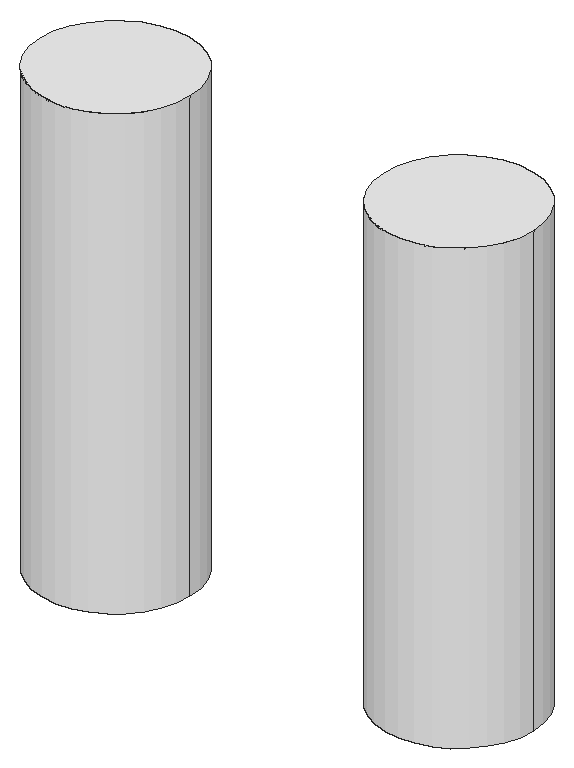
Revit family "5142229300056(2022)", category Plumbing Fixtures, Revit 2018
Family settings
  Round Connector Dimension = Use Diameter
  Part Type = Normal
  OmniClass Number = 23.45.55.00
  OmniClass Title = Sanitary Faucets, Wastes
  Work Plane-Based = No
  Always vertical = Yes
  Cut with Voids When Loaded = No
  Shared = No
  Room Calculation Point = No
Parameters (values of type "5142229300056 Washbasin faucet ")
  WorkingPressure = "50 - 1000 kPa "
  Working Pressure = "50 - 1000 kPa "
  WarrantyStartDate [instance] = "n/a"
  WarrantyGuarantorParts = "n/a"
  WarrantyGuarantorLabor = "n/a"
  WarrantyDurationUnit = "Year"
  WarrantyDurationParts = "n/a"
  WarrantyDurationLabor = "n/a"
  WarrantyDescription = "http://warranty.hansa.com"
  Warranty Information URL = "http://warranty.hansa.com"
  VersionDate = "01/07/2022"
  Version = "2"  # constant formula
  ValvePattern = "n/a"
  ValveOperation = "n/a"
  ValveMechanism = "n/a"
  Uniclass2015Reference = "Pr_40_20_87_96"
  Uniclass2015Description = "Washbasin manual water supply sets"
  Uniclass2 = "Pr_40_30_96_96"
  URL REACH = "http://static.hansa.com/doc/reach"
  URL KIWA SE Type Approval = "http://static.hansa.com/KIWASETypeApproval/5142229300056"
  URL Declaration of Conformity = "http://static.hansa.com/DoC/5142229300056"
  URL = ""
  UNSPSC Class Number = "30181700 Faucets or taps"
  TestPressure = "n/a"
  Temperature Adjustments = "Limitation option for maximum temperature and flow-rate "
  Technical DataSheet URL = "http://www.hansa.com/datasheet/5142229300056/en"
  TagNumber [instance] = "n/a"
  SustainabilityPerformance = "n/a"
  Surface treatment = "Chrome"
  Spout Type = "Fixed spout"
  Spout Projection = "103 mm"
  Size = "137x48,5x137 mm"
  Shape = "Sculptured"
  SerialNumber [instance] = "n/a"
  Sales Package dimensions (LxWxH) = "540 x 146 x 59"
  Revision = "2"  # constant formula
  ReplacementCost = "n/a"
  ProductInformation = "n/a"
  Product URL = "http://static.hansa.com/5142229300056"
  Product Image URL = "http://static.hansa.com/image/5142229300056"
  Product Family = "HANSAPOLO Eco"
  Product Code = "5142229300056"
  Pressure Loss With Flow 01ls = 200000.0 Pa
  OperatingMechanismMaterial = "n/a"
  NominalWidth = 48.5 mm
  NominalHeight = 137 mm
  NominalDepth = 137 mm
  Noise Class = "I (ISO 3822)"
  Name_en = "5142229300056 Washbasin faucet"
  Name = "5142229300056 Washbasin faucet"
  NBSReference = "45-35-70/371"
  NBSDescription = "Water supply fittings for wash basins and troughs"
  Mounting Holes = "1 hole"
  ModelReference = "5142229300056"
  ModelNumber = "n/a"
  Model = "5142229300056 Washbasin faucet"
  Mobile Product Information URL = "http://mpi.hansa.com/5142229300056"
  Mechanical Parts = "ø 35 mm ceramic eco cartridge for flow and temperature control"
  Max. Hot Water Supply = 70 °C
  Material = "Brass"
  Market = "International;Germany;Austria;Belgium;Netherlands;Czech Republic;Slovakia;Italy"
  ManufacturerURL = "http://www.hansa.com"
  ManufacturerName = "HANSA"
  Manufacturer = "HANSA"
  Lever Handle = "Single operating lever/handle;Hot/Cold symbols"
  Interactive AR View URL = "https://static.hansa.com/AR/5142229300056"
  InstallationDate [instance] = "n/a"
  Installation and Maintenance Guide URL = "http://static.hansa.com/manual/5142229300056"
  Installation Type = "Deck mounted"
  InletConnectionSize = 10 mm
  IfcExportType = "FAUCET"  # constant formula
  IfcExportAs = "IfcValveType"  # constant formula
  Group = "Washbasin faucet"
  Grade = "n/a"
  FlowCoefficient = 0
  Flow Rate At 300kPa With Flow Controller = 0.07 L/s
  Flow Drawing URL = "http://static.hansa.com/flowchart/5142229300056"
  Finish = "Polished"
  Features = "Single-lever"
  FaucetMainMaterial = Brass
  FDV Document URL = "http://www.hansa.com/datasheet/5142229300056/en/fdv"
  ExpectedLife = "n/a"
  Excluded Items = "Without pop-up waste;Without draw-rod opening"
  Eco Flow At 300kPa = 0.05 L/s
  ETIM Class Number = "EC011328 Washbasin mixing tap"
  EN Standard = "EN 817"
  EAN Number = "4057304018381"
  DurationUnit = "Year"
  Dimension Drawing URL = "http://static.hansa.com/dimdrw/5142229300056"
  Description = ""
  DefaultElevation [instance] = 900 mm
  Constituents = "Single lever"
  Connection Size = "G3/8"
  Connection = "Flexible inlet pipes"
  Color = "Chrome"
  CodePerformance = "n/a"
  CloseOffRating = 0
  Catalog Drawing URL = "http://static.hansa.com/catdrw/5142229300056"
  Brand = "HANSA"
  BodyMaterial = "Brass"
  Barcode [instance] = "n/a"
  Backflow Prevention EN1717 = "AA"
  BIMObjectName = "5142229300056(2022)"
  Author = "BIMStone"
  AssetType = "Fixed"
  AssetIdentifier [instance] = "n/a"
  Approval KIWA SE Type Approval = "1441"
  Aerator = "PCA® - constant flow rate regardless of pressure variations"
  Advanced Features = "Inner body made of DZR brass"
  AccessibilityPerformance = "n/a"
  3D View = "https://static.hansa.com/3D/5142229300056"
  2D/3D/BIM Files URL = "http://static.hansa.com/bim/5142229300056"
Reference planes
  plane 1 "Center (Front/Back)": y = 0
  plane 2: z = 0
  plane 3 "Center (Left/Right)": x = 0
  plane 4: x = -24.25
  plane 5: z = 1037
  plane 6: z = 900
  plane 7: z = 870
  plane 8: y = -137
  plane 9: x = 24.25
Forms (mm)
  Extrusion 1, solid, material "Brass" <- "FaucetMainMaterial"
    sketch origin (0, 0, 0) x (1, 0, 0) y (0, 1, 0)
      loop
        circle (-11.5, -22.5) r 5
      loop
        circle (11.5, -22.5) r 5
    from 870 to 900
Dimensions and locks
  "NominalHeight": plane 5 to plane 6
  "DefaultElevation": plane 6 to level
  locked: plane 6 to plane 7 at 30
  "NominalDepth": plane 8 to plane 1 "Center (Front/Back)"
  equal spacing: plane 4, plane 3 "Center (Left/Right)", plane 9
  "NominalWidth": plane 4 to plane 9
  "InletConnectionSize": diameter of Extrusion 1 sketch curve  (x2)
  aligned and locked: level to plane 2
  aligned and locked: plane 6 to Extrusion 1
  aligned and locked: Extrusion 1 to plane 7
  aligned and locked: plane 1 "Center (Front/Back)" to nested 2
  aligned and locked: plane 3 "Center (Left/Right)" to nested 2
  aligned and locked: plane 6 to nested 2
Automatic sketch dimensions
  Extrusion 1 sketch curve to plane 3 "Center (Left/Right)" = 11.5 mm
  plane 3 "Center (Left/Right)" to Extrusion 1 sketch curve = 11.5 mm
  plane 1 "Center (Front/Back)" to Extrusion 1 sketch curve = 22.5 mm  (x2)
Nested families
  nested 1: "Symbol" at (0, 0, 0), type "Symbol", detail levels coarse
  nested 2: "5142229300056(2022)_p" at (0, 0, 900), type "5142229300056(2022)_p"
Connectors
  piping at (-11.5, -22.5, 870), diameter 10, driven by "InletConnectionSize"
    settings: on Extrusion 1, index 1, connector inside diameter 609.6 mm, connector length 0 mm, flow factor 0, pipe flow 0.07 L/s, pressure drop 0.0 Pa, fitting loss kfactor 0, connector angle 0.00°, fixture units 0, engagement length 0 mm, angle of deflection 0.00°, flow configuration 1, flow direction 1, fitting loss method 0, system type 19, joint type 0, gender type 0, connector reference index -1, connector utility 0, adjustable connector no, is connector primary yes, connector description ""
  piping at (11.5, -22.5, 870), diameter 10, driven by "InletConnectionSize"
    settings: on Extrusion 1, index 2, connector inside diameter 609.6 mm, connector length 0 mm, flow factor 0, pipe flow 0.07 L/s, pressure drop 0.0 Pa, fitting loss kfactor 0, connector angle 0.00°, fixture units 0, engagement length 0 mm, angle of deflection 0.00°, flow configuration 1, flow direction 1, fitting loss method 0, system type 20, joint type 0, gender type 0, connector reference index -1, connector utility 0, adjustable connector no, is connector primary no, connector description ""
Definition of nested family "Symbol"
  Reference planes
    plane 1: y = 0
    plane 2: x = 0
  Lines and regions (mm)
    detail lines
      curve 1: line (0, 0, 0) -> (0, -1.8, 0)
      curve 2: line (-0.4, -1.1, 0) -> (0.4, -1.1, 0)
      curve 3: line (-0.4, -1.4, 0) -> (0.4, -1.4, 0)
      curve 4: line (0.863, 0, 0) -> (-0.863, 0, 0)
      curve 5: circle (-1.163, 0, 0) r 0.3 normal (0, 0, -1)
      curve 6: circle (1.163, 0, 0) r 0.3 normal (0, 0, 1)
Definition of nested family "5142229300056(2022)_p"
  Parameters (values of type "5142229300056(2022)_p")
    NominalWidth = 48.5 mm
    NominalHeight = 137 mm
    NominalDepth = 137 mm
    InletConnectionSize = 10 mm
    FaucetMainMaterial = none
  Reference planes
    plane 1 "Center (Front/Back)": y = 0
    plane 2: z = 0
    plane 3 "Center (Left/Right)": x = 0
    plane 4: x = -24.25
    plane 5: z = 137
    plane 6: z = 0
    plane 7: y = -137
    plane 8: x = 24.25
  Forms (mm)
    Extrusion 1, solid, material <- "FaucetMainMaterial", detail levels medium
      sketch origin (0, 0, -900) x (0, 1, 0) y (0, 0, 1)
        loop
          line (-11.837, 1037) -> (-124.122, 1037) -> (-122.074, 1028.126) -> (-62.2, 1027.177)
          arc (-62.2, 1027.177) -> (-58.651, 1025.78) -> (-57.131, 1022.282) r 4.983
          line (-57.131, 1022.282) -> (-56.683, 996.618) -> (-137, 989.601) -> (-137, 987.69) -> (-131.699, 983.242) -> (-135.856, 977.305) -> (-116.182, 963.529) -> (-114.062, 966.556) -> (-77.551, 967.193)
          arc (-77.551, 967.193) -> (-59.309, 959.809) -> (-50.685, 942.118) r 27.474
          line (-50.685, 942.118) -> (-47, 900) -> (0, 900) -> (-11.837, 1037)
      from -24.25 to 24.25
    Extrusion 2, solid, material <- "FaucetMainMaterial", detail levels coarse
      sketch origin (0, 0, -900) x (1, 0, 0) y (0, 1, 0)
        loop
          line (-24.25, 0) -> (-24.25, -137) -> (24.25, -137) -> (24.25, 0) -> (-24.25, 0)
      from 900 to 1037
  Lines and regions (mm)
    symbolic lines, detail levels medium+fine
      curve 1: line (0, 0, 0) -> (-23.5, 0, 0)
      curve 2: line (-23.5, 0, 0) -> (-23.5, 0, 98.12)
      curve 3: spline (-24.25, 0, 102.285) -> (-24.238, 0, 102.205) -> (-24.201, 0, 102.125) -> (-24.14, 0, 102.045) -> (-24.055, 0, 101.966) -> (-23.945, 0, 101.886) -> (-23.812, 0, 101.808) -> (-23.654, 0, 101.729) -> (-23.472, 0, 101.651) -> (-23.267, 0, 101.574) -> (-23.039, 0, 101.498) -> (-22.787, 0, 101.422) -> (-22.512, 0, 101.347)
      curve 4: arc (-24.25, 0, 102.285) -> (-23.247, 0, 117.942) -> (-21.807, 0, 133.565) r 561.53
      curve 5: line (-20.482, 0, 135.174) -> (-14.32, 0, 136.261)
      curve 6: arc (-14.32, 0, 136.261) -> (-9.879, 0, 136.835) -> (-5.404, 0, 137) r 48.793
      curve 7: line (-5.404, 0, 137) -> (0, 0, 137)
      curve 9: line (0, 0, 0) -> (23.5, 0, 0)
      curve 10: line (23.5, 0, 0) -> (23.5, 0, 98.12)
      curve 11: spline (24.25, 0, 102.285) -> (24.238, 0, 102.205) -> (24.201, 0, 102.125) -> (24.14, 0, 102.045) -> (24.055, 0, 101.966) -> (23.945, 0, 101.886) -> (23.812, 0, 101.808) -> (23.654, 0, 101.729) -> (23.472, 0, 101.651) -> (23.267, 0, 101.574) -> (23.039, 0, 101.498) -> (22.787, 0, 101.422) -> (22.512, 0, 101.347)
      curve 12: arc (24.249, 0, 102.311) -> (23.246, 0, 117.955) -> (21.807, 0, 133.565) r 561.53
      curve 13: line (20.482, 0, 135.174) -> (14.32, 0, 136.261)
      curve 14: arc (14.32, 0, 136.261) -> (9.879, 0, 136.835) -> (5.404, 0, 137) r 48.793
      curve 15: line (5.404, 0, 137) -> (0, 0, 137)
      curve 16: line (-22.633, 0, 98.988) -> (-22.512, 0, 101.347)
      curve 17: line (22.633, 0, 98.988) -> (22.512, 0, 101.347)
      curve 18: arc (-22.633, 0, 98.988) -> (-23.246, 0, 98.734) -> (-23.5, 0, 98.12) r 0.867
      curve 19: arc (22.633, 0, 98.988) -> (23.246, 0, 98.734) -> (23.5, 0, 98.12) r 0.867
      curve 20: arc (-20.482, 0, 135.174) -> (-21.441, 0, 134.614) -> (-21.807, 0, 133.565) r 1.605
      curve 21: arc (20.482, 0, 135.174) -> (21.441, 0, 134.614) -> (21.807, 0, 133.565) r 1.605
      curve 59: line (0, 0, 0) -> (0, -47, 0)
      curve 60: line (0, -47, 0) -> (0, -50.685, 42.118)
      curve 61: arc (0, -50.685, 42.118) -> (0, -59.309, 59.809) -> (0, -77.551, 67.193) r 27.474
      curve 62: line (0, -77.551, 67.193) -> (0, -109.985, 66.627)
      curve 63: arc (0, -109.985, 66.627) -> (0, -111.706, 66.9) -> (0, -113.23, 67.744) r 5.017
      curve 65: line (0, -136.087, 89.68) -> (0, -56.683, 96.618)
      curve 66: line (0, -56.683, 96.618) -> (0, -57.131, 122.282)
      curve 67: arc (0, -57.131, 122.282) -> (0, -58.651, 125.78) -> (0, -62.2, 127.177) r 4.983
      curve 68: line (0, -62.2, 127.177) -> (0, -118.76, 128.074)
      curve 69: arc (0, -118.76, 128.074) -> (0, -121.312, 128.98) -> (0, -122.794, 131.248) r 4.237
      curve 70: line (0, -122.794, 131.248) -> (0, -123.357, 133.686)
      curve 71: arc (0, -123.357, 133.686) -> (0, -123.101, 134.795) -> (0, -122.07, 135.277) r 1.299
      curve 72: line (0, -122.07, 135.277) -> (0, -83.546, 136.623)
      curve 73: arc (0, -83.546, 136.623) -> (0, -75.229, 136.862) -> (0, -66.91, 137) r 680.589
      curve 74: arc (0, -66.91, 137) -> (0, -40.52, 136.693) -> (0, -14.169, 135.22) r 597.328
      curve 75: arc (0, -14.169, 135.22) -> (0, -13.191, 134.767) -> (0, -12.746, 133.786) r 1.547
      curve 76: line (0, -12.746, 133.786) -> (0, -9.744, 114.834)
      curve 77: line (0, -9.744, 114.834) -> (0, -15.314, 111.619)
      curve 78: arc (0, -15.314, 111.619) -> (0, -12.568, 106.368) -> (0, -11.235, 100.594) r 23.302
      curve 79: arc (0, -137, 88.684) -> (0, -136.737, 89.36) -> (0, -136.087, 89.68) r 1
      curve 80: arc (0, -137, 88.156) -> (0, -136.906, 87.733) -> (0, -136.643, 87.39) r 1
      curve 81: line (0, -137, 88.684) -> (0, -137, 88.156)
      curve 82: line (0, -116.182, 63.529) -> (0, -135.856, 77.305)
      curve 83: line (0, -131.699, 83.242) -> (0, -135.856, 77.305)
      curve 84: line (0, -113.23, 67.744) -> (0, -116.182, 63.529)
      curve 85: line (0, -131.699, 83.242) -> (0, -136.643, 87.39)
      curve 89: line (0, -11.235, 100.594) -> (0, -8.819, 100.805)
      curve 91: line (0, -137, 0) -> (-6.831, -137, 0)
      curve 92: arc (-6.831, -137, 0) -> (-9.954, -136.71, 0) -> (-12.97, -135.849, 0) r 16.95
      curve 93: arc (-12.97, -135.849, 0) -> (-13.9, -135.32, 0) -> (-14.637, -134.545, 0) r 3.659
      curve 94: arc (-14.637, -134.545, 0) -> (-15.74, -132.603, 0) -> (-16.449, -130.485, 0) r 11.565
      curve 95: line (-16.449, -130.485, 0) -> (-22.722, -40.776, 0)
      curve 96: line (0, -137, 0) -> (6.831, -137, 0)
      curve 97: arc (6.831, -137, 0) -> (9.954, -136.71, 0) -> (12.97, -135.849, 0) r 16.95
      curve 98: arc (12.97, -135.849, 0) -> (13.9, -135.32, 0) -> (14.637, -134.545, 0) r 3.659
      curve 99: arc (14.637, -134.545, 0) -> (15.74, -132.603, 0) -> (16.449, -130.485, 0) r 11.565
      curve 100: line (16.449, -130.485, 0) -> (22.722, -40.776, 0)
      curve 102: spline (23.357, -26.09, 0) -> (23.666, -27.298, 0) -> (23.911, -28.52, 0) -> (24.09, -29.752, 0) -> (24.203, -30.993, 0) -> (24.249, -32.237, 0) -> (24.228, -33.482, 0) -> (24.141, -34.725, 0) -> (23.988, -35.961, 0) -> (23.769, -37.187, 0) -> (23.484, -38.401, 0) -> (23.135, -39.598, 0) -> (22.722, -40.776, 0)
      curve 103: arc (23.357, -26.09, 0) -> (0, 0, 0) -> (-23.357, -26.09, 0) r 23.5
      curve 112: spline (-22.722, -40.776, 0) -> (-23.135, -39.598, 0) -> (-23.484, -38.401, 0) -> (-23.769, -37.187, 0) -> (-23.988, -35.961, 0) -> (-24.141, -34.725, 0) -> (-24.228, -33.482, 0) -> (-24.249, -32.237, 0) -> (-24.203, -30.993, 0) -> (-24.09, -29.752, 0) -> (-23.911, -28.52, 0) -> (-23.666, -27.298, 0) -> (-23.357, -26.09, 0)
      curve 117: line (0, 0, 0) -> (0, -8.819, 100.805)
    symbolic lines, detail levels fine
      curve 8: spline (-22.512, 0, 101.347) -> (-19.863, 0, 100.838) -> (-16.168, 0, 100.405) -> (-11.62, 0, 100.071) -> (-6.46, 0, 99.854) -> (-0.96, 0, 99.765) -> (4.591, 0, 99.808) -> (9.899, 0, 99.982) -> (14.687, 0, 100.278) -> (18.7, 0, 100.679) -> (21.728, 0, 101.165) -> (23.611, 0, 101.71) -> (24.25, 0, 102.285)
      curve 22: line (-15.899, 0, 134.548) -> (-15.72, 0, 131.125)
      curve 23: arc (-15.72, 0, 131.125) -> (-14.393, 0, 128.344) -> (-11.489, 0, 127.315) r 4.026
      curve 24: line (-11.489, 0, 127.315) -> (0, 0, 127.315)
      curve 25: arc (-14.32, 0, 136.261) -> (-15.47, 0, 135.737) -> (-15.899, 0, 134.548) r 1.629
      curve 26: line (15.899, 0, 134.548) -> (15.72, 0, 131.125)
      curve 27: arc (15.72, 0, 131.125) -> (14.393, 0, 128.344) -> (11.489, 0, 127.315) r 4.026
      curve 28: line (11.489, 0, 127.315) -> (0, 0, 127.315)
      curve 29: arc (14.32, 0, 136.261) -> (15.47, 0, 135.737) -> (15.899, 0, 134.548) r 1.629
      curve 30: spline (-22.633, 0, 98.988) -> (-21.861, 0, 98.451) -> (-19.6, 0, 97.951) -> (-16.004, 0, 97.522) -> (-11.316, 0, 97.193) -> (-5.858, 0, 96.986) -> (0, 0, 96.915) -> (5.858, 0, 96.986) -> (11.316, 0, 97.193) -> (16.004, 0, 97.522) -> (19.6, 0, 97.951) -> (21.861, 0, 98.451) -> (22.633, 0, 98.988)
      curve 31: spline (10.604, 0, 69.362) -> (10.649, 0, 71.152) -> (9.811, 0, 72.875) -> (8.158, 0, 74.388) -> (5.828, 0, 75.566) -> (3.015, 0, 76.31) -> (-0.049, 0, 76.56) -> (-3.108, 0, 76.294) -> (-5.91, 0, 75.535) -> (-8.221, 0, 74.345) -> (-9.85, 0, 72.823) -> (-10.662, 0, 71.096) -> (-10.589, 0, 69.307)
      curve 32: line (-10.74, 0, 70.347) -> (-10.74, 0, 77.121)
      curve 33: line (10.74, 0, 70.347) -> (10.74, 0, 77.121)
      curve 34: spline (-10.74, 0, 70.633) -> (-11.115, 0, 71.144) -> (-11.425, 0, 71.671) -> (-11.668, 0, 72.211) -> (-11.842, 0, 72.761) -> (-11.948, 0, 73.317) -> (-11.983, 0, 73.877) -> (-11.948, 0, 74.437) -> (-11.842, 0, 74.993) -> (-11.668, 0, 75.543) -> (-11.425, 0, 76.083) -> (-11.115, 0, 76.61) -> (-10.74, 0, 77.121)
      curve 35: line (-11.983, 0, 73.877) -> (-11.983, 0, 76.203)
      curve 36: line (11.983, 0, 73.877) -> (11.983, 0, 76.203)
      curve 37: spline (-11.983, 0, 76.203) -> (-11.574, 0, 78.096) -> (-10.377, 0, 79.86) -> (-8.473, 0, 81.375) -> (-5.991, 0, 82.538) -> (-3.101, 0, 83.269) -> (0, 0, 83.518) -> (3.101, 0, 83.269) -> (5.991, 0, 82.538) -> (8.473, 0, 81.375) -> (10.377, 0, 79.86) -> (11.574, 0, 78.096) -> (11.983, 0, 76.203)
      curve 38: spline (-10.74, 0, 77.121) -> (-9.578, 0, 78.273) -> (-8.088, 0, 79.275) -> (-6.321, 0, 80.092) -> (-4.338, 0, 80.696) -> (-2.207, 0, 81.067) -> (0, 0, 81.192) -> (2.207, 0, 81.067) -> (4.338, 0, 80.696) -> (6.321, 0, 80.092) -> (8.088, 0, 79.275) -> (9.578, 0, 78.273) -> (10.74, 0, 77.121)
      curve 39: spline (10.74, 0, 77.121) -> (11.115, 0, 76.61) -> (11.425, 0, 76.083) -> (11.668, 0, 75.543) -> (11.842, 0, 74.993) -> (11.948, 0, 74.437) -> (11.983, 0, 73.877) -> (11.948, 0, 73.317) -> (11.842, 0, 72.761) -> (11.668, 0, 72.211) -> (11.425, 0, 71.671) -> (11.115, 0, 71.144) -> (10.74, 0, 70.633)
      curve 40: line (-23.5, 0, 98.12) -> (-17.681, 0, 88.808)
      curve 41: line (-17.681, 0, 88.808) -> (-16.86, 0, 87.495)
      curve 42: arc (-16.86, 0, 87.495) -> (-15.964, 0, 86.671) -> (-14.772, 0, 86.423) r 2.289
      curve 43: line (-3.71, 0, 87.138) -> (-14.772, 0, 86.423)
      curve 44: arc (-3.71, 0, 87.138) -> (-1.858, 0, 87.301) -> (0, 0, 87.355) r 31.816
      curve 45: line (23.5, 0, 98.12) -> (16.86, 0, 87.494)
      curve 46: arc (16.86, 0, 87.494) -> (15.963, 0, 86.67) -> (14.77, 0, 86.422) r 2.29
      curve 47: line (3.71, 0, 87.138) -> (14.77, 0, 86.422)
      curve 48: arc (3.71, 0, 87.138) -> (1.858, 0, 87.301) -> (0, 0, 87.355) r 31.816
      curve 49: line (-23.5, 0, 88.518) -> (-18.651, 0, 77.627)
      curve 50: arc (-18.651, 0, 77.627) -> (-15.357, 0, 72.753) -> (-10.589, 0, 69.307) r 16.858
      curve 51: line (23.5, 0, 88.518) -> (18.651, 0, 77.627)
      curve 52: arc (18.651, 0, 77.627) -> (15.357, 0, 72.753) -> (10.589, 0, 69.307) r 16.858
      curve 53: line (-17.103, 0, 84.092) -> (-17.368, 0, 80.229)
      curve 54: arc (-17.368, 0, 80.229) -> (-16.589, 0, 75.346) -> (-13.751, 0, 71.296) r 11.008
      curve 55: arc (-14.772, 0, 86.423) -> (-16.42, 0, 85.741) -> (-17.103, 0, 84.092) r 2.331
      curve 56: line (17.103, 0, 84.092) -> (17.368, 0, 80.229)
      curve 57: arc (17.368, 0, 80.229) -> (16.589, 0, 75.346) -> (13.751, 0, 71.296) r 11.008
      curve 58: arc (14.772, 0, 86.423) -> (16.42, 0, 85.741) -> (17.103, 0, 84.092) r 2.331
      curve 64: line (0, -113.23, 67.744) -> (0, -131.699, 83.242)
      curve 86: line (0, -15.314, 111.619) -> (0, -31.179, 102.459)
      curve 87: line (0, -56.746, 100.222) -> (0, -31.179, 102.459)
      curve 88: line (0, -56.683, 96.618) -> (0, -11.235, 100.594)
      curve 90: spline (-16.871, -49.542, 0) -> (-17.505, -48.918, 0) -> (-18.114, -48.272, 0) -> (-18.699, -47.604, 0) -> (-19.258, -46.915, 0) -> (-19.791, -46.206, 0) -> (-20.296, -45.479, 0) -> (-20.774, -44.734, 0) -> (-21.223, -43.971, 0) -> (-21.643, -43.194, 0) -> (-22.033, -42.401, 0) -> (-22.393, -41.595, 0) -> (-22.722, -40.776, 0)
      curve 101: spline (-23.357, -26.09, 0) -> (-21.412, -21.325, 0) -> (-18.468, -17.081, 0) -> (-14.662, -13.556, 0) -> (-10.172, -10.913, 0) -> (-5.207, -9.276, 0) -> (0, -8.722, 0) -> (5.207, -9.276, 0) -> (10.172, -10.913, 0) -> (14.662, -13.556, 0) -> (18.468, -17.081, 0) -> (21.412, -21.325, 0) -> (23.357, -26.09, 0)
      curve 104: line (0, -123.45, 0) -> (-5, -123.45, 0)
      curve 105: arc (-5, -123.45, 0) -> (-8.178, -122.739, 0) -> (-10.749, -120.742, 0) r 7.456
      curve 106: arc (-10.749, -120.742, 0) -> (-11.709, -119.136, 0) -> (-12.144, -117.316, 0) r 6.19
      curve 107: line (-12.144, -117.316, 0) -> (-15.964, -54.466, 0)
      curve 108: line (0, -123.45, 0) -> (5, -123.45, 0)
      curve 109: arc (5, -123.45, 0) -> (8.178, -122.739, 0) -> (10.749, -120.742, 0) r 7.456
      curve 110: arc (10.749, -120.742, 0) -> (11.709, -119.136, 0) -> (12.144, -117.316, 0) r 6.19
      curve 111: line (12.144, -117.316, 0) -> (15.964, -54.466, 0)
      curve 113: spline (22.722, -40.776, 0) -> (22.393, -41.595, 0) -> (22.033, -42.401, 0) -> (21.643, -43.194, 0) -> (21.223, -43.971, 0) -> (20.774, -44.734, 0) -> (20.296, -45.479, 0) -> (19.791, -46.206, 0) -> (19.258, -46.915, 0) -> (18.699, -47.604, 0) -> (18.114, -48.272, 0) -> (17.505, -48.918, 0) -> (16.871, -49.542, 0)
      curve 114: spline (18.875, -45.082, 0) -> (21.467, -38.062, 0) -> (21.469, -30.592, 0) -> (18.881, -23.572, 0) -> (14.014, -17.848, 0) -> (7.457, -14.112, 0) -> (0, -12.815, 0) -> (-7.457, -14.112, 0) -> (-14.014, -17.848, 0) -> (-18.881, -23.572, 0) -> (-21.469, -30.592, 0) -> (-21.467, -38.062, 0) -> (-18.875, -45.082, 0)
      curve 115: arc (-15.964, -54.466, 0) -> (-16.854, -49.598, 0) -> (-18.875, -45.082, 0) r 20.664
      curve 116: arc (15.964, -54.466, 0) -> (16.854, -49.598, 0) -> (18.875, -45.082, 0) r 20.664
      curve 118: spline (-10.589, 0, 69.307) -> (-9.881, 0, 67.912) -> (-8.633, 0, 66.65) -> (-6.911, 0, 65.59) -> (-4.812, 0, 64.791) -> (-2.448, 0, 64.297) -> (0.049, 0, 64.133) -> (2.543, 0, 64.31) -> (4.898, 0, 64.817) -> (6.986, 0, 65.627) -> (8.69, 0, 66.695) -> (9.919, 0, 67.964) -> (10.604, 0, 69.362)
  Dimensions and locks
    aligned and locked: level to plane 2
    aligned and locked: plane 6 to import instance
    aligned and locked: Extrusion 2 to plane 6
    aligned and locked: plane 5 to Extrusion 2
